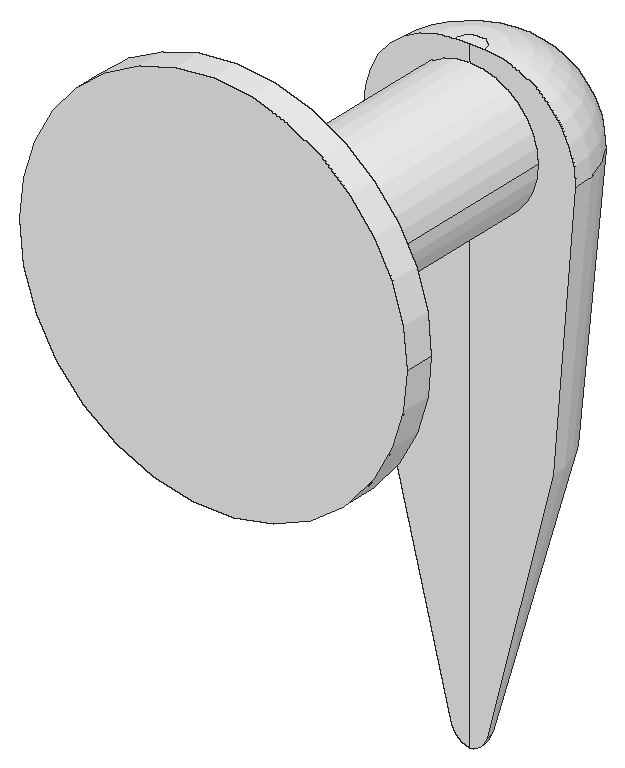
Revit family
Parameters
  Manufacturer = "Revit"
  Material Ironmongery = Door Handle
  Handle Z Distance = 0 mm
  Handle X Distance = 0 mm
Reference planes
  plane 1 "Center (Front/Back)": y = 0
  plane 2: z = 0
  plane 3 "Center (Left/Right)": x = 0
  plane 4: z = 0
  plane 5: x = 0
Forms (mm)
  Extrusion 1, solid, material "Door Handle" <- "Material Ironmongery", detail levels medium+fine
    sketch origin (0, 0, 0) x (1, 0, 0) y (0, 0, 1)
      loop
        circle (0, 0) r 20
    from 0 to -3
  Extrusion 2, solid, material "Door Handle" <- "Material Ironmongery"
    sketch origin (0, 3, 0) x (-1, 0, 0) y (0, 0, 1)
      loop
        circle (0, 0) r 7
    from 0 to 30
  Revolve 3, solid, material "Door Handle" <- "Material Ironmongery"
    sketch origin (0, 66, 1.664) x (0, 0, -1) y (0, -1, 0)
      loop
        line (-7, 33) -> (58, 33)
        arc (58, 33) -> (57.482, 34.139) -> (56.453, 34.849) r 2.344
        arc (56.453, 34.849) -> (29.833, 41.66) -> (2.451, 43.951) r 164.751
        arc (2.451, 43.951) -> (-4.232, 41.183) -> (-7, 34.5) r 9.451
        line (-7, 34.5) -> (-7, 33)
      axis (58, 33) -> (-7, 33)
    angle from 90 to 270
Dimensions and locks
  "Handle Z Distance": plane 4 to level
  "Handle X Distance": plane 5 to plane 3 "Center (Left/Right)"
  aligned and locked: plane 5 to Revolve 3
Automatic sketch dimensions
  Extrusion 1 sketch curve to plane 4 = 0 mm
  Extrusion 1 sketch curve to plane 5 = 0 mm
  Extrusion 2 sketch curve to plane 4 = 0 mm
  Extrusion 2 sketch curve to plane 5 = 0 mm
  Revolve 3 sketch curve to plane 4 = 33.092 mm
  Revolve 3 sketch curve to plane 4 = 8.664 mm
  plane 4 to Revolve 3 sketch curve = 0.787 mm
  Revolve 3 sketch curve to Revolve 3 sketch curve = 46.121 mm
  Revolve 3 sketch curve to Revolve 3 sketch curve = 7.112 mm
  Revolve 3 sketch curve to Revolve 3 sketch curve = 0.768 mm
  Revolve 3 sketch curve to Revolve 3 sketch curve = 0 mm
  Revolve 3 sketch curve to Revolve 3 sketch curve = 2.316 mm
  Revolve 3 sketch curve to plane 1 "Center (Front/Back)" = 186.8 mm
  Revolve 3 sketch curve to plane 1 "Center (Front/Back)" = 33.365 mm
  Revolve 3 sketch curve to Revolve 3 sketch curve = 0.365 mm
  Revolve 3 sketch curve to Revolve 3 sketch curve = 9.451 mm
  radius of Extrusion 1 sketch curve = 20 mm
  radius of Extrusion 2 sketch curve = 7 mm
